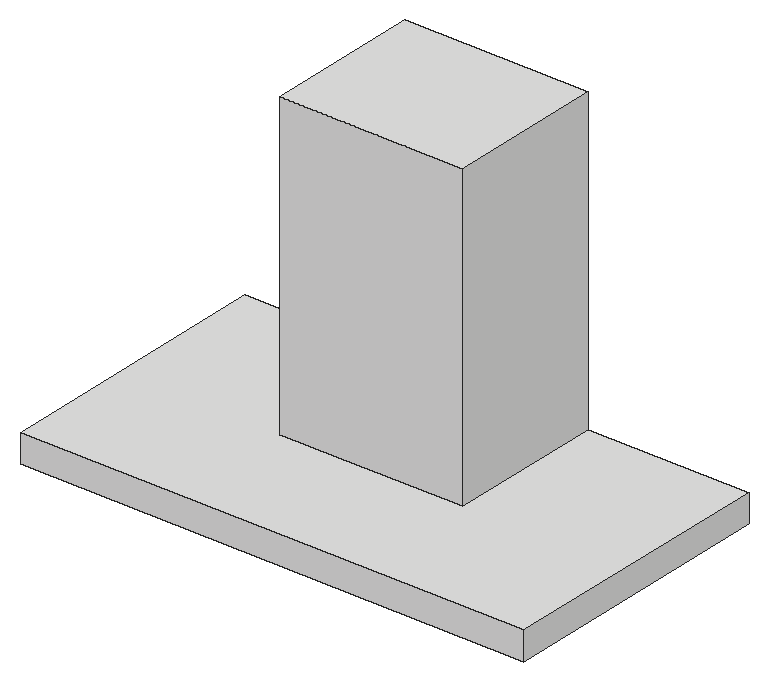
Revit family "Coifa_Inox", category Food Service Equipment, Revit 2025
Family settings
  Round Connector Dimension = Use Diameter
  Part Type = Normal
  Work Plane-Based = Yes
  Enable Cutting in Views = No
  Always vertical = No
  Cut with Voids When Loaded = Yes
  Maintain Annotation Orientation = No
  Shared = No
  Room Calculation Point = Yes
Parameters
  Material_Cuba_Coz = CT_Aço_Inox
  Default Elevation = 1.2192 m
  Coifa_Altura_Chamine = 0.54 m
  Coifa_Altura = 1.70 m
Reference planes (m)
  plane 1 "Center (Front/Back)": y = 0
  plane 2: z = 1.7
  plane 3 "Center (Left/Right)": x = 0
  plane 4 "PlanoInserção": z = 0
Forms (m)
  Extrusion 1, solid, material "CT_Aço_Inox" <- "Material_Cuba_Coz"
    sketch origin (0, 0, -0.03) x (1, 0, 0) y (0, 1, 0)
      loop
        line (-0.4493, -0.5) -> (0.4493, -0.5) -> (0.4493, 0) -> (-0.4493, 0) -> (-0.4493, -0.5)
    from 1.73 to 1.78
  Extrusion 2, solid, material "CT_Aço_Inox" <- "Material_Cuba_Coz"
    sketch origin (0, 0, 0) x (1, 0, 0) y (0, 1, 0)
      loop
        line (-0.16295, -0.2783) -> (0.16295, -0.2783) -> (0.16295, 0) -> (-0.16295, 0) -> (-0.16295, -0.2783)
    from 1.75 to 2.29
Cuts and joins
  joined: Extrusion 1, Extrusion 2
Lines and regions (m)
  symbolic lines
    curve 1: line (-0.4493, 0, 0) -> (0.4493, 0, 0)
    curve 2: line (-0.4493, -0.5, 0) -> (-0.4493, 0, 0)
    curve 3: line (0.4493, -0.5, 0) -> (-0.4493, -0.5, 0)
    curve 4: line (0.4493, 0, 0) -> (0.4493, -0.5, 0)
    curve 5: line (-0.16295, 0, 0) -> (0.16295, 0, 0)
    curve 6: line (-0.16295, -0.2783, 0) -> (-0.16295, 0, 0)
    curve 7: line (0.16295, -0.2783, 0) -> (-0.16295, -0.2783, 0)
    curve 8: line (0.16295, 0, 0) -> (0.16295, -0.2783, 0)
  model lines
    curve 9: line (-0.4493, -0.5, 0) -> (-0.4493, 0, 0)
    curve 10: line (0.4493, -0.5, 0) -> (-0.4493, -0.5, 0)
    curve 11: line (0.4493, 0, 0) -> (0.4493, -0.5, 0)
Dimensions and locks (m)
  cut or joined group of Extrusion 1, Extrusion 2 to cut or joined group of Extrusion 1, Extrusion 2 = 0.00 m
  locked: cut or joined group of Extrusion 1, Extrusion 2 to cut or joined group of Extrusion 1, Extrusion 2 at 0.5
  locked: cut or joined group of Extrusion 1, Extrusion 2 to cut or joined group of Extrusion 1, Extrusion 2 at 0.8986
  locked: plane 3 "Center (Left/Right)" to Extrusion 2 at 0.16295
  locked: plane 1 "Center (Front/Back)" to Extrusion 2 at 0.2783
  "Coifa_Altura": plane 2 to level
  "Coifa_Altura_Chamine": cut or joined group of Extrusion 1, Extrusion 2 to cut or joined group of Extrusion 1, Extrusion 2
  cut or joined group of Extrusion 1, Extrusion 2 to cut or joined group of Extrusion 1, Extrusion 2 = 0.05 m
  locked: plane 2 to Extrusion 1 at 0.05
  aligned and locked: Extrusion 2 to Extrusion 1
  aligned and locked: plane 4 "PlanoInserção" to level
  aligned and locked: cut or joined group of Extrusion 1, Extrusion 2 to plane 2
  aligned and locked: curve 9 to cut or joined group of Extrusion 1, Extrusion 2
  aligned and locked: curve 10 to cut or joined group of Extrusion 1, Extrusion 2
  aligned and locked: curve 11 to cut or joined group of Extrusion 1, Extrusion 2
Automatic sketch dimensions
  Extrusion 1 sketch curve to plane 1 "Center (Front/Back)" = 0.00 m
  Extrusion 1 sketch curve to plane 3 "Center (Left/Right)" = 0.4493 m
  plane 3 "Center (Left/Right)" to Extrusion 1 sketch curve = 0.4493 m
  plane 1 "Center (Front/Back)" to Extrusion 1 sketch curve = 0.50 m
  plane 1 "Center (Front/Back)" to Extrusion 2 sketch curve = 0.00 m
  Extrusion 2 sketch curve to plane 3 "Center (Left/Right)" = 0.16295 m
  plane 3 "Center (Left/Right)" to Extrusion 2 sketch curve = 0.16295 m
  plane 1 "Center (Front/Back)" to Extrusion 2 sketch curve = 0.2783 m
  plane 1 "Center (Front/Back)" to curve 9 = 0.00 m
  plane 1 "Center (Front/Back)" to curve 6 = 0.00 m
  curve 7 to plane 3 "Center (Left/Right)" = 0.16295 m
  plane 3 "Center (Left/Right)" to curve 7 = 0.16295 m
  curve 11 to curve 7 = 0.2217 m
